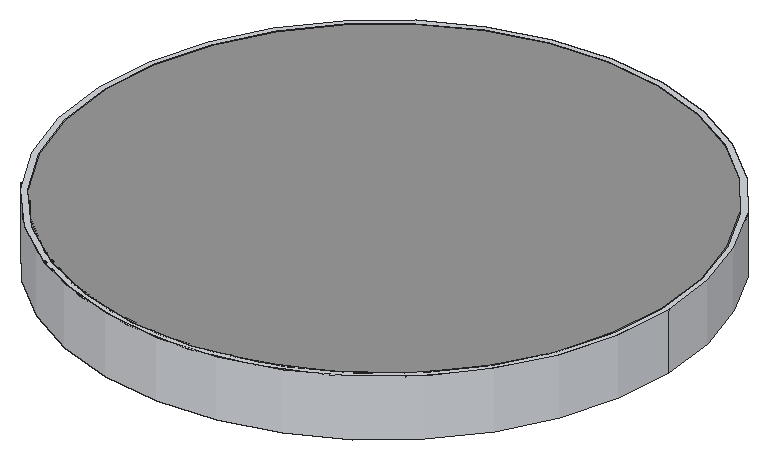
Revit family "2071219", category Lighting Fixtures, host Face, Revit 2018
Family settings
  Host = Face
  Round Connector Dimension = Use Diameter
  Part Type = Normal
  OmniClass Number = 23.80.70.00
  OmniClass Title = Lighting
  Cut with Voids When Loaded = No
  Light Source = Yes
  Shared = No
  Room Calculation Point = No
Parameters (values of type "2071219 COLOSSAL 600 840 PR DIR+H WHT SSA02")
  iner diameter = 588 mm
  Weight = "n/a"
  Wattage Comments = ""
  Wattage = 30 W
  WarrantyStartDate [instance] = "n/a"
  WarrantyGuarantorParts = "n/a"
  WarrantyDurationUnit = "n/a"
  WarrantyDurationParts = ""
  WarrantyDescription = "http://www.sylvania-lighting.com"
  built-in parameter 1150110 = 1 (stored number, unit not read)
  Voltage = 230 V
  URL = "0.95"
  TypeName = "COLOSSAL 600mm 840 PRISM DIR+HAL WHITE SSA02"
  Type Image = <None>
  Type Comments = "n/a"
  built-in parameter 1114217 = 1 (stored number, unit not read)
  Tilt Angle = -90.00°
  built-in parameter 1150109 = 1 (stored number, unit not read)
  built-in parameter 1150134 = (empty or 0)
  built-in parameter 1150113 = 1 (stored number, unit not read)
  SerialNumber [instance] = "n/a"
  Photometric Web File = "2071219.ies"
  Material_3_SYL = LED-Sylvania
  PowerFactor = 0
  PowerConsumption = "Lighting"
  NominalLength = 600 mm
  NominalHeight = 93 mm
  NominalDepth = 600 mm
  Name = "COLOSSAL 600mm 840 PRISM DIR+HAL WHITE SSA02"
  ModelReference = Name  # "COLOSSAL 600mm 840 PRISM DIR+HAL WHITE SSA02"
  ModelNumber = "2071219"
  Model = Name  # "COLOSSAL 600mm 840 PRISM DIR+HAL WHITE SSA02"
  Material = "Feilo Sylvania"
  ManufacturerName = "131 lm/W"
  Manufacturer = ""
  LuminousEfficacy = ""
  built-in parameter 1150105 = 270.44 (stored number, unit not read)
  Lumens = 3398.4 lm
  LuminaireType = "0"
  built-in parameter 1150115 = 1 (stored number, unit not read)
  LightOutputRatio = "LED"
  built-in parameter 1150137 = (empty or 0)
  built-in parameter 1150139 = (empty or 0)
  LampsType = Lamp  # "n/a"
  LampNominalLuminous = "4000 K"
  LampMacAdamStep = "80"
  LampColourTemperature = "LED"
  LampColourRenderingIndex = "16500"
  built-in parameter 1150112 = 1 (stored number, unit not read)
  built-in parameter 1150114 = 1 (stored number, unit not read)
  Lamp = "n/a"
  Keynote = "n/a"
  InstallationDate [instance] = "n/a"
  InputVoltage = "0"
  InputNominalFrequency = "4000"
  built-in parameter 1150132 = (empty or 0)
  built-in parameter 1150102 = (empty or 0)
  built-in parameter 1150107 = 3000 (stored number, unit not read)
  built-in parameter 1150138 = (empty or 0)
  IngressProtection = "IfcLightFixtureType"
  ImpactProtectionIndex = "IfcLightFixtureType"
  built-in parameter 1150106 = 2.7044 (stored number, unit not read)
  IfcExportType = "IfcLightFixtureType"
  IfcExportAs = "Class I"
  Emit from Circle Diameter = 385 mm
  Emit Shape Visible in Rendering = no
  ElectricShockClassification = "131"
  built-in parameter 1150104 = 10.524 (stored number, unit not read)
  DocumentationLiterature = "http://www.sylvania-lighting.com/product/en-int/products/2071219"
  DimmingControlOptions = "n/a"
  Material_2_SYL = Polycarbonate_Sylvania_White
  Dimming Lamp Color Temperature Shift = <None>
  Description = "600mm diameter circular architectural luminaire, can be surface mounted or suspended. Powder coated aluminium housing (RAL9016) with PMMA prismatic diffuser. Direct/indirect (halo) light distribution, 4090lm luminuous flux, 31.3W system power, 131lm/W luminiaire efficacy. Sylsmart Connected enabled. Colour rendering index Ra >80, 4000K Neutral White LED, chromaticity tolerance of 3-step MacAdam ellipse. IP40, IK03. 350mA drive current. UGR≤19. Electrical protection Class1, 220-240V. Reported lifetime 66k hours L90B10."
  Default Elevation = 1219.2 mm
  CreatedOn = "23/03/2022"
  CreatedBy = "@sylvania-lighting.com"
  Cost = 0
  Color Filter = 16777215
  built-in parameter 1114216 [instance] = (empty or 0)
  ClassificationValue = "EF_70_80"
  ClassificationName = "Uniclass2015"
  Material_1_SYL = Polycarbonate_Sylvania_Opal
  BarCode [instance] = "n/a"
  built-in parameter 1114218 = 1 (stored number, unit not read)
  built-in parameter 1150133 = 10 (stored number, unit not read)
  AssetType = "Fixed"
  AssetIdentifier [instance] = "n/a"
  Assembly Code = "D5020200"
  Apparent Load = 31.3 VA
  Material_4_SYL = none
Reference planes
  plane 1 "Center (Front/Back)": y = 0
  plane 2: z = 0
  plane 3 "Center (Left/Right)": x = 0
  plane 4: x = -300
  plane 5: x = 300
  plane 6: y = 300
  plane 7: y = -300
  plane 8: y = 212
  plane 9: y = -212
  plane 10: z = 93
  plane 11: y = 294
  plane 12: y = -294
  plane 13: through (0, 0, 1219.2) normal (0.5, -0.866, 0)
  plane 14: through (-134.29, 20.617, 1219.2) normal (0.5, -0.866, 0)
  plane 15: through (-144.685, -181.683, 1219.2) normal (-0.5, 0.866, 0)
  plane 16: through (0, 0, 1219.2) normal (0.5, 0.866, 0)
  plane 17: through (178.555, -4.939, 1219.2) normal (0.5, 0.866, 0)
  plane 18: through (87.581, -148.715, 1219.2) normal (0.5, 0.866, 0)
  plane 19: y = 272
  plane 20: through (105.168, 227.067, 1219.2) normal (0.866, 0.5, 0)
  plane 21: through (-104.171, 225.672, 1219.2) normal (0.8572, -0.515, 0)
  plane 22: y = -204.612
  plane 23: through (-296.643, -30.2, 1219.2) normal (0.866, 0.5, 0)
  plane 24: through (153.092, -278.837, 1219.2) normal (-0.866, 0.5, 0)
Forms (mm)
  Extrusion 1, solid, detail levels medium+fine
    sketch origin (0, 0, 0) x (1, 0, 0) y (0, 1, 0)
      loop
        circle (0, 0) r 300
    from 33.023 to 93
  Extrusion 2, void
    sketch origin (0, 0, 0) x (1, 0, 0) y (0, 1, 0)
      loop
        circle (0, 0) r 294
    from 93 to 37.292
  Extrusion 3, solid, material "Glass, White, High Luminance", detail levels fine
    sketch origin (0, 0, 0) x (1, 0, 0) y (0, 1, 0)
      loop
        circle (0, 0) r 294
    from 88.026 to 93
  Extrusion 4, solid, detail levels coarse
    sketch origin (0, 0, 0) x (1, 0, 0) y (0, 1, 0)
      loop
        line (-300, 300) -> (-300, -300) -> (300, -300) -> (300, 300) -> (-300, 300)
    from 0 to 93
  Blend 5, solid, detail levels medium+fine
    base sketch origin (0, 0, 0) x (1, 0, 0) y (0, 1, 0)
      loop
        line (-76.334, 272) -> (-277.665, -63.07) -> (-195.946, -204.612) -> (195.946, -204.612) -> (275.172, -67.388) -> (79.226, 272) -> (-76.334, 272)
    top sketch origin (0, 0, 0) x (1, 0, 0) y (0, 1, 0)
      loop
        line (-226.097, -32.388) -> (-141.097, -179.612) -> (141.097, -179.612) -> (226.097, -32.388) -> (85, 212) -> (-85, 212) -> (-226.097, -32.388)
    from 33.023 to 0
Cuts and joins
  Extrusion 2 cuts Extrusion 1
Lines and regions (mm)
  model lines
    curve 1: line (-85, 212, 0) -> (0, 212, 0)
    curve 2: line (0, 212, 0) -> (85, 212, 0)
Dimensions and locks
  "NominalDepth": plane 6 to plane 7
  "NominalLength": plane 4 to plane 5
  equal spacing: plane 4, plane 3 "Center (Left/Right)", plane 5
  "iner diameter": plane 11 to plane 12
  equal spacing: plane 11, plane 1 "Center (Front/Back)", plane 12
  equal spacing: plane 6, plane 1 "Center (Front/Back)", plane 7
  "NominalHeight": plane 10 to level
  radius of Extrusion 2 sketch curve = 294 mm
  aligned and locked: plane 2 to host face
  aligned and locked: level to host face
Automatic sketch dimensions
  host sketch curve to host sketch curve = 2438.4 mm  (x2)
  plane 1 "Center (Front/Back)" to Extrusion 1 sketch curve = 0 mm
  Extrusion 1 sketch curve to plane 3 "Center (Left/Right)" = 0 mm
  plane 1 "Center (Front/Back)" to Extrusion 2 sketch curve = 0 mm
  Extrusion 2 sketch curve to plane 3 "Center (Left/Right)" = 0 mm
  plane 1 "Center (Front/Back)" to Extrusion 3 sketch curve = 0 mm
  Extrusion 3 sketch curve to plane 3 "Center (Left/Right)" = 0 mm
  Extrusion 4 sketch curve to plane 4 = 0 mm
  Extrusion 4 sketch curve to plane 5 = 0 mm
  Extrusion 4 sketch curve to plane 7 = 0 mm
  Extrusion 4 sketch curve to plane 6 = 0 mm
  Blend 5 sketch curve to plane 8 = 0 mm
  Blend 5 sketch curve to plane 3 "Center (Left/Right)" = 85 mm
  plane 3 "Center (Left/Right)" to Blend 5 sketch curve = 85 mm
  plane 9 to Blend 5 sketch curve = 32.388 mm
  plane 3 "Center (Left/Right)" to Blend 5 sketch curve = 141.097 mm
  plane 1 "Center (Front/Back)" to Blend 5 sketch curve = 32.388 mm  (x2)
  Blend 5 sketch curve to plane 5 = 73.903 mm
  Blend 5 sketch curve to plane 3 "Center (Left/Right)" = 141.097 mm
  plane 4 to Blend 5 sketch curve = 73.903 mm
  curve 1 to plane 8 = 0 mm
  curve 2 to plane 3 "Center (Left/Right)" = 0 mm
  curve 1 to plane 3 "Center (Left/Right)" = 85 mm
  curve 1 to curve 2 = 85 mm
  Blend 5 sketch curve to plane 21 = 0 mm
  Blend 5 sketch curve to plane 23 = 0 mm  (x2)
  Blend 5 sketch curve to plane 22 = 0 mm
  Blend 5 sketch curve to plane 19 = 0 mm
  plane 21 to Blend 5 sketch curve = 0 mm
  Blend 5 sketch curve to plane 20 = 0 mm  (x2)
  Blend 5 sketch curve to plane 24 = 0 mm  (x2)
  radius of Extrusion 1 sketch curve = 300 mm
  radius of Extrusion 3 sketch curve = 294 mm
Connectors
  electrical at (0, 0, 0), driven by "Apparent Load", driven by "PowerFactor", driven by "Voltage"
    settings: index 1, voltage 230 V, apparent load 31.3 VA, apparent load phase1 0 VA, apparent load phase2 0 VA, apparent load phase3 0 VA, power factor 0, load classification "Lighting", number of poles 1, system type 30, power factor state 1, is connector primary yes, connector utility no, sub classification motor no, connector description ""
